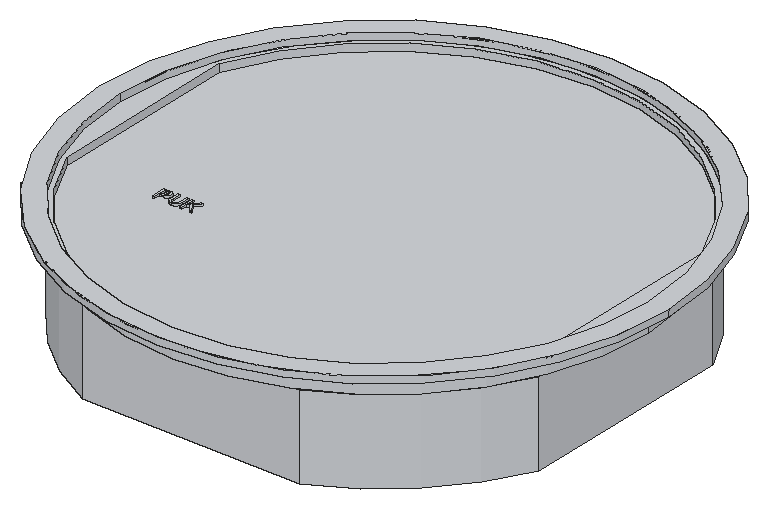
Revit family "ПИК ЭНЕРГО UE Напольный лючок круглый, тройной, глухой UEBD3 R", category Соединительные детали кабельных лотков, Revit 2015
Parameters (values of type "UEBD3-R-S")
  Спец.ТипМаркаОбозначДокументаСоединителяЛоткаКабельногоКанала = ""
  Спец.ПримечаниеСоединителяЛоткаКабельногоКанала [instance] = ""
  Спец.НаименованиеИТенхХарСоединителяЛоткаКабельногоКанала = "Монтажная крышка, круглая"  # constant formula
  Спец.МассаТекстСоединителяЛоткаКабельногоКанала = "1.87"
  Спец.КодОборудИзделияМатериалаСоединителяЛоткаКабельногоКанала = "UEBD3-R-S"
  Спец.ИзготовительСоединителяЛоткаКабельногоКанала = "ПИК-ЭНЕРГО"  # constant formula
  Спец.ЕдИзмСоединителяЛоткаКабельногоКанала = "шт."  # constant formula
  Спец.URLСсылкаСоединителяЛоткаКабельногоКанала = "http://www.pik-energo.ru/kompanija/produkcija/details/montazhnye-ljuchki-dlja-zalivnykh-i-pustotnykh-polov/ljuchok-plastmassovyi/ljuchok-kruglyi/uebd3-r.html"
  Рзм.t2 = 4 mm
  Рзм.t = 8 mm
  Рзм.e4 = 280 mm
  Рзм.e3 = 301 mm
  Рзм.e2 = 260 mm
  Рзм.H = 65 mm
  Рзм.E = 307 mm
  Рзм.B = 330 mm
  Пр.НаименованиеСоединителяЛоткаКабельногоКанала = "Круглый лючек из полиамида с напольной рамкой, RAL 9011"
  Default Elevation = 1219.2 mm
Types (2, lengths in mm): name | Спец.КодОборудИзделияМатериалаСоединителяЛоткаКабельногоКанала | Пр.НаименованиеСоединителяЛоткаКабельногоКанала
  UEBD3-R-S | "UEBD3-R-S" | "Круглый лючек из полиамида с напольной рамкой, RAL 9011"
  UEBD3-R-G | "UEBD3-R-G" | "Круглый лючек из полиамида с напольной рамкой, RAL 7011"
Reference planes
  plane 1 "По центру (Вперед/Назад)": y = 0
  plane 2: z = 0
  plane 3 "По центру (Влево/Вправо)": x = 0
  plane 4: z = 0
  plane 5: z = -4
  plane 6: x = 165
  plane 7: x = -165
  plane 8: y = 165
  plane 9: y = -165
  plane 10: x = -153.5
  plane 11: x = 153.5
  plane 12: z = -8
  plane 13: z = -16
  plane 14: z = -12
  plane 15: z = -65
  plane 16: x = -140
  plane 17: x = 140
Forms (mm)
  Extrusion 1, solid, detail levels medium+fine
    sketch origin (0, 0, 0) x (1, 0, 0) y (0, 1, 0)
      loop
        circle (0, 0) r 165
      loop
        circle (0, 0) r 153.5
    from -4 to 0
  Extrusion 2, solid, detail levels medium+fine
    sketch origin (0, 0, 0) x (1, 0, 0) y (0, 1, 0)
      loop
        line (-140, 55.229) -> (-140, -55.229)
        arc (-140, -55.229) -> (0, -150.5) -> (140, -55.229) r 150.5
        line (140, -55.229) -> (140, 55.229)
        arc (140, 55.229) -> (0, 150.5) -> (-140, 55.229) r 150.5
      loop
        circle (0, 0) r 153.5
    from -16 to -4
  Extrusion 3, solid, detail levels medium+fine
    sketch origin (0, 0, 0) x (1, 0, 0) y (0, 1, 0)
      loop
        line (140, -55.229) -> (140, 55.229)
        arc (140, 55.229) -> (0, 150.5) -> (-140, 55.229) r 150.5
        line (-140, 55.229) -> (-140, -55.229)
        arc (-140, -55.229) -> (0, -150.5) -> (140, -55.229) r 150.5
    from -16 to -8
  Extrusion 4, solid, detail levels medium+fine
    sketch origin (0, 0, 0) x (1, 0, 0) y (0, 1, 0)
      loop
        arc (-140, -62.946) -> (-108.541, -108.541) -> (-62.946, -140) r 153.5
        line (-62.946, -140) -> (62.946, -140)
        arc (62.946, -140) -> (108.541, -108.541) -> (140, -62.946) r 153.5
        line (140, -62.946) -> (140, 62.946)
        arc (140, 62.946) -> (108.541, 108.541) -> (62.946, 140) r 153.5
        line (62.946, 140) -> (-62.946, 140)
        arc (-62.946, 140) -> (-108.541, 108.541) -> (-140, 62.946) r 153.5
        line (-140, 62.946) -> (-140, -62.946)
    from -65 to -16
Cuts and joins
  joined: Extrusion 1, Extrusion 2
Dimensions and locks
  equal spacing: plane 7, plane 3 "По центру (Влево/Вправо)", plane 6
  equal spacing: plane 8, plane 1 "По центру (Вперед/Назад)", plane 9
  "Рзм.B": plane 8 to plane 9
  "Рзм.B": plane 7 to plane 6
  equal spacing: plane 10, plane 3 "По центру (Влево/Вправо)", plane 11
  "Рзм.E": plane 10 to plane 11
  "Рзм.H": level to plane 15
  "Рзм.t2": level to plane 5
  "Рзм.t": plane 4 to plane 12
  "Рзм.t2": plane 12 to plane 14
  "Рзм.t2": plane 14 to plane 13
  "Рзм.e4": plane 16 to plane 17
  equal spacing: plane 16, plane 3 "По центру (Влево/Вправо)", plane 17
  locked: nested 1 to plane 3 "По центру (Влево/Вправо)" at 80
  locked: nested 1 to plane 1 "По центру (Вперед/Назад)" at 50
  equal spacing: Extrusion 4 sketch curve, plane 1 "По центру (Вперед/Назад)", Extrusion 4 sketch curve
  "Рзм.e4": Extrusion 4 sketch curve to Extrusion 4 sketch curve
  "Рзм.e3": diameter of Extrusion 2 sketch curve  (x2)
  "Рзм.E": diameter of Extrusion 4 sketch curve  (x4)
  "Рзм.B": diameter of Extrusion 1 sketch curve
  "Рзм.E": diameter of Extrusion 1 sketch curve
  aligned and locked: level to plane 2
  aligned and locked: Extrusion 1 to plane 5
  aligned and locked: level to Extrusion 1
  aligned and locked: plane 5 to Extrusion 2
  aligned and locked: Extrusion 2 to plane 13
  aligned and locked: Extrusion 2 sketch curve to plane 16
  aligned and locked: Extrusion 2 sketch curve to plane 17
  aligned and locked: Extrusion 2 sketch curve to Extrusion 1  (x2)
  aligned and locked: Extrusion 3 sketch curve to Extrusion 2  (x4)
  aligned and locked: Extrusion 3 to plane 13
  aligned and locked: plane 12 to Extrusion 3
  aligned and locked: Extrusion 4 to plane 15
  aligned and locked: plane 13 to Extrusion 4
  aligned and locked: Extrusion 4 sketch curve to plane 16
  aligned and locked: Extrusion 4 sketch curve to plane 17
Automatic sketch dimensions
  Extrusion 1 sketch curve to Extrusion 1 sketch curve = 0 mm  (x2)
  plane 1 "По центру (Вперед/Назад)" to Extrusion 1 sketch curve = 0 mm
  Extrusion 1 sketch curve to plane 3 "По центру (Влево/Вправо)" = 0 mm
  Extrusion 2 sketch curve to Extrusion 2 sketch curve = 0 mm  (x4)
  Extrusion 4 sketch curve to Extrusion 4 sketch curve = 0 mm  (x6)
  plane 1 "По центру (Вперед/Назад)" to Extrusion 4 sketch curve = 0 mm
  Extrusion 4 sketch curve to plane 3 "По центру (Влево/Вправо)" = 0 mm
Nested families
  nested 1: "ПИК ЭНЕРГО PUK" at (-80, -50, -8), type "PUK", detail levels medium+fine
Definition of nested family "ПИК ЭНЕРГО PUK"
  Parameters (values of type "PUK")
    Default Elevation = 1219.2 mm
  Reference planes
    plane 1 "По центру (Вперед/Назад)": y = 0
    plane 2: z = 0
    plane 3 "По центру (Влево/Вправо)": x = 0
    plane 4: z = 0
    plane 5: z = 0
  Forms (mm)
    Extrusion 1, solid
      sketch origin (-0.594, -4.158, 0) x (1, 0, 0) y (0, 1, 0)
        loop
          line (-6.763, 8.317) -> (-10.4, 8.317) -> (-10.4, 0) -> (-9.25, 0) -> (-9.25, 3.336) -> (-6.763, 3.336)
          arc (-6.763, 3.336) -> (-4.272, 5.826) -> (-6.763, 8.317) r 2.49
        loop
          line (-6.821, 7.259) -> (-9.25, 7.259) -> (-9.25, 4.36) -> (-6.821, 4.36)
          arc (-6.821, 4.36) -> (-5.372, 5.809) -> (-6.821, 7.259) r 1.449
        loop
          arc (-2.635, 3.229) -> (0.594, 0) -> (3.822, 3.229) r 3.229
          line (3.822, 3.229) -> (3.822, 8.317) -> (2.622, 8.317) -> (2.622, 3.118)
          arc (2.622, 3.118) -> (0.571, 1.066) -> (-1.481, 3.118) r 2.051
          line (-1.481, 3.118) -> (-1.481, 8.317) -> (-2.635, 8.317) -> (-2.635, 3.229)
        loop
          line (5.464, 8.317) -> (5.464, 0) -> (6.668, 0) -> (6.668, 2.899) -> (7.979, 4.268) -> (11.046, 0) -> (12.469, 0) -> (8.853, 5.088) -> (12.139, 8.317) -> (10.717, 8.317) -> (6.668, 4.375) -> (6.668, 8.317) -> (5.464, 8.317)
      from 0 to 0.8
  Dimensions and locks
    aligned and locked: level to plane 2
    aligned and locked: level to plane 4
    aligned and locked: plane 2 to plane 5
